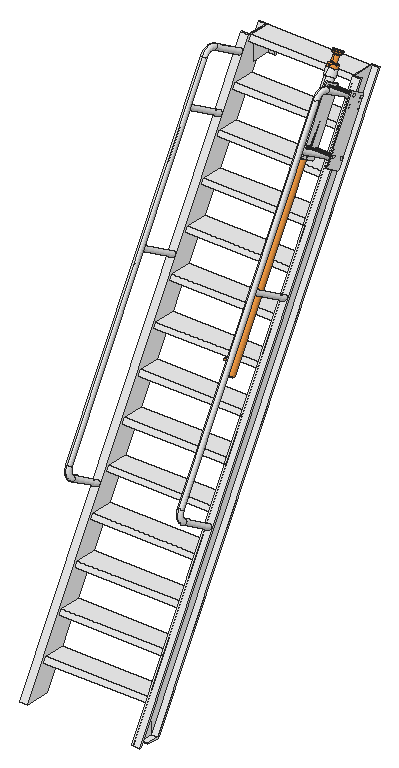
Revit family "Construction_Stairs-Precision_Ladders-Ships_Ladder-V1", category Specialty Equipment, Revit 2019
Family settings
  Round Connector Dimension = Use Diameter
  Part Type = Normal
  OmniClass Number = 23.30.70.17.17
  OmniClass Title = Ships Ladders
  Work Plane-Based = No
  Always vertical = Yes
  Cut with Voids When Loaded = No
  Shared = No
  Room Calculation Point = No
Parameters (values of type "To Roof Hatch")
  offset [instance] = 0' - 0"
  With Walk-Thru = no
  URL = "http://www.precisionladders.com"
  TreadArray [instance] = round(LadderLength / (Riser Height Real / sin(Angle Real)))  # 14
  Riser Height Real [instance] = if(Desired Riser Height < Riser Height MIN, Riser Height MIN, if(Desired Riser Height > Riser Height MAX, Riser Height MAX, Desired Riser Height))  # 0' - 8 1/2"
  Riser Height MIN [instance] = 0' - 6 1/2"  # constant formula
  Riser Height MAX [instance] = if(IBC Compliant, 0' 9 1/2", 1' 0")  # 1' - 0"
  Riser Height [instance] = "Design dimensions may vary from actual dimensions.  Always confirm actual dimensions with manufacturer."  # constant formula
  Product data url = "https://www.bimobject.com/precision_ladders_llc/product/ships-stairs"
  Product Page URL = "http://www.precisionladders.com/products/aluminum-ships-ladders"
  Model Number = "SL-01"
  Model = "Aluminum Ships Stairs"  # constant formula
  Material = Metal - Precision Ladders LLC - Aluminum - Mill Finish
  Manufacturer = "Precision Ladders, LLC"
  LadderLength [instance] = Height Real / sin(Angle Real)  # 11' - 6.56406"
  Ladder Width Real [instance] = if(Ladder Width < Ladder Width MIN, Ladder Width MIN, if(Ladder Width > Ladder Width MAX, Ladder Width MAX, Ladder Width))  # 2' - 6"
  Ladder Width MIN [instance] = 2' - 0"
  Ladder Width MAX [instance] = 4' - 0"  # constant formula
  Ladder Width [instance] = 2' - 6"
  Ladder Depth [instance] = Height / tan(Angle Real)  # 5' - 9.28203"
  Keynote = ""
  Integer Angle [instance] = Angle / 1.00°  # 60
  IBC Compliant [instance] = no
  Height Real [instance] = if(Height > Height MAX, Height MAX, Height)  # 10' - 0"
  Height MAX [instance] = 20' - 0"  # constant formula
  Height [instance] = 10' - 0"
  Extruded Serrated Tread [instance] = yes
  Extend-A-Rail Retracted [instance] = yes
  Extend-A-Rail Real [instance] = if(and([Extend-A-Rail], not([With Walk-Thru])), 1 < 2, 1 > 2)  # yes
  Extend-A-Rail [instance] = yes
  Desired Riser Height [instance] = 0' - 8 1/2"
  Description = "Ships Stairs (ships ladders) for rooftop access, mezzanine access, or crossover obstacles"  # constant formula
  Bar Grating Tread [instance] = not(Extruded Serrated Tread)  # no
  Assembly Code = ""
  Angle Real [instance] = if(Integer Angle * 1.00° < Angle MIN, Angle MIN, if(Integer Angle * 1.00° > Angle MAX, Angle MAX, Integer Angle * 1.00°))  # 60.00°
  Angle MIN [instance] = 60.00°  # constant formula
  Angle MAX [instance] = 70.00°  # constant formula
  Angle [instance] = 60.00°
  Actual Riser Height [instance] = sin(Angle Real) * (LadderLength / (TreadArray))  # 0' - 8.57143"
Reference planes (in)
  plane 1 "Center (Front/Back)": y = 0.99421
  plane 2 "Bottom": z = 0
  plane 3 "Center (Left/Right)": x = 12
  plane 4 "Left": x = -3
  plane 5 "Right": x = 27
  plane 6 "Top": z = 120
  plane 7: y = 70.27624
Forms (in)
  Extrusion 1, solid, material "Metal - Precision Ladders LLC - Aluminum - Mill Finish" <- "Material"
    sketch origin (0, 0.99421, 0) x (1, 0, 0) y (0, 0, 1)
      loop
        line (-1.25, 0) -> (-1.25, 3) -> (-1.5, 3) -> (-1.5, 0.25) -> (-3.25, 0.25) -> (-3.25, 0) -> (-1.25, 0)
      loop
        line (25.25, 0) -> (27.25, 0) -> (27.25, 0.25) -> (25.5, 0.25) -> (25.5, 3) -> (25.25, 3) -> (25.25, 0)
    from 0.5 to 3.5
  Extrusion 2, solid, material "Metal - Precision Ladders LLC - Aluminum - Mill Finish" <- "Material"
    sketch origin (-43.59721, -180, 120) x (-1, 0, 0) y (0, -1, 0)
      loop
        line (-42.59721, -250.27624) -> (-42.59721, -245.52624) -> (-42.84721, -245.52624) -> (-42.84721, -250.02624) -> (-44.59721, -250.02624) -> (-44.59721, -250.27624) -> (-42.59721, -250.27624)
      loop
        line (-68.59721, -250.27624) -> (-66.59721, -250.27624) -> (-66.59721, -250.02624) -> (-68.34721, -250.02624) -> (-68.34721, -245.52624) -> (-68.59721, -245.52624) -> (-68.59721, -250.27624)
    from -1.25 to -6.25
Lines and regions (in)
  reference lines
    curve 1: line (12, 0.99421, 0) -> (12, 63.49421, 108.25318)
Dimensions and locks (in)
  "Height Real": plane 6 "Top" to level
  equal spacing: plane 4 "Left", plane 3 "Center (Left/Right)", plane 5 "Right"
  "Ladder Width Real": plane 4 "Left" to plane 5 "Right"
  "Ladder Depth": plane 1 "Center (Front/Back)" to plane 7
  locked: Extrusion 1 sketch curve to Extrusion 1 sketch curve at 0.25
  locked: Extrusion 1 sketch curve to Extrusion 1 sketch curve at 2  (x2)
  locked: Extrusion 1 sketch curve to nested 1 at 0.25
  nested 1 to level = 0' - 8.57045"
  nested 1 to nested 1 = 0' - 8.57143"
  "Angle Real": angle curve 1 to level
  aligned and locked: plane 3 "Center (Left/Right)" to nested 1
  aligned and locked: Extrusion 1 sketch curve to nested 1
  aligned and locked: nested 1 to Extrusion 1 sketch curve
Automatic sketch dimensions
  Extrusion 2 sketch curve to plane 5 "Right" = 0' - 2"
  Extrusion 2 sketch curve to plane 7 = 0' - 0"  (x2)
  plane 4 "Left" to Extrusion 2 sketch curve = 0' - 2"
  Extrusion 2 sketch curve to plane 5 "Right" = 0' - 2 1/4"
  Extrusion 2 sketch curve to Extrusion 2 sketch curve = 0' - 1 3/4"
  Extrusion 2 sketch curve to plane 7 = 0' - 0 1/4"  (x2)
  plane 4 "Left" to Extrusion 2 sketch curve = 0' - 4"
  plane 4 "Left" to Extrusion 2 sketch curve = 0' - 2 1/4"
  Extrusion 2 sketch curve to Extrusion 2 sketch curve = 0' - 4 1/2"  (x2)
  Extrusion 1 sketch curve to level = 0' - 0"  (x2)
  level to Extrusion 1 sketch curve = 0' - 0 1/4"  (x2)
  Extrusion 1 sketch curve to Extrusion 1 sketch curve = 0' - 2 3/4"  (x2)
  curve 1 to level = 0' - 0"
  curve 1 to plane 1 "Center (Front/Back)" = 0' - 0"
Nested families (in)
  nested 1: "Ladder" at (0, 38.14469, 64.34651) x (1, 0, 0) z (0, -0.866, 0.5), Material <- "Material", Angle <- "Angle Real", Walk Through <- "With Walk-Thru", Handrail Material <- "Material", Width <- "Ladder Width Real", Extend-A-Rail <- "Extend-A-Rail Real", Extend-A-Rail Retracted <- "Extend-A-Rail Retracted", type "Ladder"
    with Width 2' - 6", Walk Through no, Treads Array 14, Tread Width 2' - 2", Tread Position 0' - 9.89743", Tread Offset 0' - 2.7785", Rail Length 7' - 6.56406", Rail Extension 4' - 0.49742", Offset 0' - 0", Number of Treads 13, Material Metal - Precision Ladders LLC - Aluminum - Mill Finish, Length 11' - 6.56406", Height 0' - 5", Handrail Material Metal - Precision Ladders LLC - Aluminum - Mill Finish, Extend-A-Rail Retracted yes, Extend-A-Rail yes, Angle 60.00°, Actual Tread Spacing 0' - 8.57143", Bar Grating Tread no
Definition of nested family "Ladder"
  Parameters (values of type "Ladder")
    Width [instance] = 2' - 6"
    Walk Through [instance] = yes
    URL = ""
    Treads Array [instance] = round(Length / (Desired Tread Spacing / sin(Angle)))  # 14
    Tread Width [instance] = Width - 0' 4"  # 2' - 2"
    Number of Treads [instance] = Treads Array - 1  # 13
    Desired Tread Spacing = 0' - 8 1/2"
    Tread Position [instance] = Actual Tread Spacing / sin(Angle)  # 0' - 9.61994"
    Tread Offset [instance] = 0' 4 13/16" / tan(Angle)  # 0' - 2.45209"
    Rail Length [instance] = Length - 4' 0"  # 7' - 2.67915"
    Rail Extension [instance] = 3' 6" / sin(Angle)  # 3' - 11.1377"
    Offset [instance] = 0' - 0"
    Model = ""
    Material [instance] = none
    Manufacturer = ""
    Length [instance] = Floor to Floor Height / sin(Angle)  # 11' - 2.67915"
    Keynote = ""
    Height [instance] = 0' - 5"
    Handrail Material [instance] = none
    Floor to Floor Height = 10' - 0"
    Extend-A-Rail Retracted [instance] = yes
    Extend-A-Rail [instance] = yes
    Description = ""
    Default Elevation = 4' - 0"
    Bar Grating Tread = yes
    Assembly Code = ""
    Angle [instance] = 63.00°
    Actual Tread Spacing [instance] = sin(Angle) * (Length / (Treads Array))  # 0' - 8.57143"
  Reference planes (in)
    plane 1 "Center (Front/Back)": y = -5.01892
    plane 2 "Bottom": z = 0
    plane 3 "Center (Left/Right)": x = 12
    plane 4 "Front": y = -72.35849
    plane 5 "Back": y = 62.32066
    plane 6 "Left": x = -3
    plane 7 "Right": x = 27
    plane 8 "Top": z = 5
    plane 9: z = 4.81055
    plane 10: y = 59.86856
    plane 11: y = 50.24863
    plane 12: y = -65.19064
    plane 13: y = -55.57071
    plane 14: y = -74.81058
  Forms (in)
    Extrusion 1, solid, material <- "Material"
      sketch origin (-11.94222, -72.35849, 48) x (-1, 0, 0) y (0, 0, 1)
        loop
          line (-8.94222, -43) -> (-10.94222, -43) -> (-10.94222, -48) -> (-8.94222, -48) -> (-8.94222, -47.81055) -> (-10.69222, -47.81055) -> (-10.69222, -43.18945) -> (-8.94222, -43.18945) -> (-8.94222, -43)
        loop
          line (-38.94222, -43) -> (-38.94222, -43.18945) -> (-37.19222, -43.18945) -> (-37.19222, -47.81055) -> (-38.94222, -47.81055) -> (-38.94222, -48) -> (-36.94222, -48) -> (-36.94222, -43) -> (-38.94222, -43)
      from -6 to 134.67915
    Extrusion 2, void
      sketch origin (12, 0, 0) x (0, 1, 0) y (0, 0, 1)
        loop
          line (-72.35849, 0) -> (-75.13263, 5.44456) -> (-81.35849, 5.44456) -> (-81.35849, 0) -> (-72.35849, 0)
      from -15 to 15
    Extrusion 3, void
      sketch origin (12, -10.03784, 0) x (0, -1, 0) y (0, 0, -1)
        loop
          line (-72.35849, 0) -> (-82.29551, 0) -> (-82.29551, -5.44456) -> (-69.58435, -5.44456) -> (-72.35849, 0)
      from -15 to 15
  Cuts and joins
    Extrusion 2, Extrusion 3 cuts Extrusion 1
  Dimensions and locks (in)
    "Height": plane 8 "Top" to level
    equal spacing: plane 6 "Left", plane 3 "Center (Left/Right)", plane 7 "Right"
    "Width": plane 6 "Left" to plane 7 "Right"
    equal spacing: plane 5 "Back", plane 1 "Center (Front/Back)", plane 4 "Front"
    "Length": plane 5 "Back" to plane 4 "Front"
    locked: plane 9 to plane 8 "Top" at 0.18945
    locked: plane 5 "Back" to nested 2 at 6
    locked: plane 5 "Back" to nested 3 at 6
    nested 2 to plane 7 "Right" = 0' - 1"
    plane 6 "Left" to nested 3 = 0' - 1"
    locked: nested 3 to plane 6 "Left" at 1
    locked: plane 7 "Right" to nested 2 at 1
    "Tread Offset": plane 5 "Back" to nested 1
    locked: nested 5 to nested 3 at 6
    locked: plane 5 "Back" to nested 5 at 13
    locked: plane 7 "Right" to nested 4 at 2
    "Tread Offset": plane 5 "Back" to plane 10
    "Tread Position": plane 10 to plane 11
    "Tread Position": plane 13 to plane 12
    equal spacing: group 1, group 2, group 3, group 4, group 5, group 6, group 7, group 8, group 9, group 10, group 11, group 12, group 13  (x3)
    "Tread Position": plane 12 to plane 14
    "Tread Offset": plane 4 "Front" to plane 14
    "Angle": angle level to Extrusion 2 sketch curve
    "Angle": angle level to Extrusion 3 sketch curve
    aligned and locked: plane 5 "Back" to Extrusion 1
    aligned and locked: plane 6 "Left" to Extrusion 2
    aligned and locked: plane 3 "Center (Left/Right)" to nested 1
    aligned and locked: nested 1 to plane 9
    aligned and locked: Extrusion 2 to plane 7 "Right"
    aligned and locked: level to Extrusion 2 sketch curve
    aligned and locked: Extrusion 3 sketch curve to level
    aligned and locked: Extrusion 3 to plane 6 "Left"
    aligned and locked: plane 7 "Right" to Extrusion 3
    aligned and locked: nested 2 to plane 8 "Top"
    aligned and locked: plane 8 "Top" to nested 3
    aligned and locked: nested 6 to plane 9
    aligned and locked: plane 12 to nested 4
    aligned and locked: plane 13 to nested 6
  Automatic sketch dimensions
    Extrusion 1 sketch curve to plane 7 "Right" = 0' - 0"  (x2)
    Extrusion 1 sketch curve to plane 9 = 0' - 0"  (x2)
    Extrusion 1 sketch curve to plane 8 "Top" = 0' - 0"  (x2)
    Extrusion 1 sketch curve to level = 0' - 0"  (x2)
    Extrusion 1 sketch curve to plane 6 "Left" = 0' - 0"  (x2)
    Extrusion 1 sketch curve to Extrusion 1 sketch curve = 0' - 1 3/4"
    Extrusion 1 sketch curve to Extrusion 1 sketch curve = 0' - 0 1/4"  (x2)
    plane 6 "Left" to Extrusion 1 sketch curve = 0' - 2"
    Extrusion 1 sketch curve to Extrusion 1 sketch curve = 0' - 0.18945"
    level to Extrusion 1 sketch curve = 0' - 0.18945"
    Extrusion 2 sketch curve to plane 4 "Front" = 0' - 0"
    plane 14 to Extrusion 2 sketch curve = 0' - 0.32205"
    plane 14 to Extrusion 2 sketch curve = 0' - 6.54791"
    Extrusion 3 sketch curve to plane 5 "Back" = 0' - 0"
    Extrusion 3 sketch curve to plane 8 "Top" = 0' - 0.44456"
    Extrusion 3 sketch curve to plane 5 "Back" = 0' - 9.93701"
  Nested families (in)
    nested 1: "Tread" at (0, 64.88748, 4.81055), Unit Width <- "Tread Width", Material <- "Material", Angle <- "Angle", type "Tread"
      with offset 0' - 0", Unit Width 2' - 2", Unit Height 0' - 1", Unit Depth 0' - 6", Material none, Angle 63.00°
    nested 2: "Rail" at (31.01892, 24.98108, 5) x (0, -1, 0) z (0, 0, 1), Material <- "Handrail Material", Unit Width <- "Rail Length", Walkthrough <- "Walk Through", Rail Extension <- "Rail Extension", Extend-A-Rail <- "Extend-A-Rail", type "Rail"
      with offset 0' - 0", Walkthrough yes, Unit Width 7' - 2.67915", Unit Height 1' - 0", Unit Depth 4' - 3 1/16", Rail1 yes, Rail Extension 3' - 11.1377", Rail 3 no, Rail 2 no, No Walkthrough no, Material none, Extend-A-Rail yes
    nested 3: "Rail" at (3.01892, 24.98108, 5) x (0, -1, 0) z (0, 0, 1), Material <- "Handrail Material", Unit Width <- "Rail Length", Walkthrough <- "Walk Through", Rail Extension <- "Rail Extension", Extend-A-Rail <- "Extend-A-Rail", type "Rail"
      with offset 0' - 0", Walkthrough yes, Unit Width 7' - 2.67915", Unit Height 1' - 0", Unit Depth 0' - 1 1/16", Rail1 yes, Rail Extension 3' - 11.1377", Rail 3 no, Rail 2 no, No Walkthrough no, Material none, Extend-A-Rail yes
    nested 4: "Tread" at (0, -60.17173, 4.81055), Unit Width <- "Tread Width", Material <- "Material", Angle <- "Angle", type "Tread"
      with offset 0' - 0", Unit Width 2' - 2", Unit Height 0' - 1", Unit Depth 0' - 6", Material none, Angle 63.00°
    nested 5: "Construction_Stairs-Precision_Ladders-Extend_A_Rail_Ladder_Safety_Post" at (25, 49.32066, 11) x (0, 0, 1) z (-1, 0, 0), visible <- "Extend-A-Rail", Retracted <- "Extend-A-Rail Retracted", type "ER-1"
      with Retracted yes, Required Bracket Spacing 0' - 6", Extended no
    nested 6: "Tread" at (0, -50.55179, 4.81055), Unit Width <- "Tread Width", Material <- "Material", Angle <- "Angle", type "Tread"
      with offset 0' - 0", Unit Width 2' - 2", Unit Height 0' - 1", Unit Depth 0' - 6", Material none, Angle 63.00°
    nested 7: "Tread" at (0, -40.93185, 4.81055), Unit Width <- "Tread Width", Material <- "Material", Angle <- "Angle", type "Tread"
      with offset 0' - 0", Unit Width 2' - 2", Unit Height 0' - 1", Unit Depth 0' - 6", Material none, Angle 63.00°
    nested 8: "Tread" at (0, -31.31191, 4.81055), Unit Width <- "Tread Width", Material <- "Material", Angle <- "Angle", type "Tread"
      with offset 0' - 0", Unit Width 2' - 2", Unit Height 0' - 1", Unit Depth 0' - 6", Material none, Angle 63.00°
    nested 9: "Tread" at (0, -21.69197, 4.81055), Unit Width <- "Tread Width", Material <- "Material", Angle <- "Angle", type "Tread"
      with offset 0' - 0", Unit Width 2' - 2", Unit Height 0' - 1", Unit Depth 0' - 6", Material none, Angle 63.00°
    nested 10: "Tread" at (0, -12.07203, 4.81055), Unit Width <- "Tread Width", Material <- "Material", Angle <- "Angle", type "Tread"
      with offset 0' - 0", Unit Width 2' - 2", Unit Height 0' - 1", Unit Depth 0' - 6", Material none, Angle 63.00°
    nested 11: "Tread" at (0, -2.45209, 4.81055), Unit Width <- "Tread Width", Material <- "Material", Angle <- "Angle", type "Tread"
      with offset 0' - 0", Unit Width 2' - 2", Unit Height 0' - 1", Unit Depth 0' - 6", Material none, Angle 63.00°
    nested 12: "Tread" at (0, 7.16785, 4.81055), Unit Width <- "Tread Width", Material <- "Material", Angle <- "Angle", type "Tread"
      with offset 0' - 0", Unit Width 2' - 2", Unit Height 0' - 1", Unit Depth 0' - 6", Material none, Angle 63.00°
    nested 13: "Tread" at (0, 16.78779, 4.81055), Unit Width <- "Tread Width", Material <- "Material", Angle <- "Angle", type "Tread"
      with offset 0' - 0", Unit Width 2' - 2", Unit Height 0' - 1", Unit Depth 0' - 6", Material none, Angle 63.00°
    nested 14: "Tread" at (0, 26.40773, 4.81055), Unit Width <- "Tread Width", Material <- "Material", Angle <- "Angle", type "Tread"
      with offset 0' - 0", Unit Width 2' - 2", Unit Height 0' - 1", Unit Depth 0' - 6", Material none, Angle 63.00°
    nested 15: "Tread" at (0, 36.02767, 4.81055), Unit Width <- "Tread Width", Material <- "Material", Angle <- "Angle", type "Tread"
      with offset 0' - 0", Unit Width 2' - 2", Unit Height 0' - 1", Unit Depth 0' - 6", Material none, Angle 63.00°
    nested 16: "Tread" at (0, 45.6476, 4.81055), Unit Width <- "Tread Width", Material <- "Material", Angle <- "Angle", type "Tread"
      with offset 0' - 0", Unit Width 2' - 2", Unit Height 0' - 1", Unit Depth 0' - 6", Material none, Angle 63.00°
    nested 17: "Tread" at (0, 55.26754, 4.81055), Unit Width <- "Tread Width", Material <- "Material", Angle <- "Angle", type "Tread"
      with offset 0' - 0", Unit Width 2' - 2", Unit Height 0' - 1", Unit Depth 0' - 6", Material none, Angle 63.00°
  Definition of nested family "Tread"
    Parameters (values of type "Tread")
      offset [instance] = 0' - 0"
      Unit Width [instance] = 1' - 8 3/16"
      Unit Height [instance] = 0' - 1"
      Unit Depth [instance] = 0' - 6"
      URL = ""
      Model = ""
      Material [instance] = none
      Manufacturer = ""
      Keynote = ""
      Description = ""
      Bar Grating = yes
      Assembly Code = ""
      Angle [instance] = 63.00°
    Reference planes (in)
      plane 1 "Center (Front/Back)": y = -5.01892
      plane 2 "Bottom": z = 0
      plane 3 "Center (Left/Right)": x = 12
      plane 4 "Left": x = 1.90625
      plane 5 "Right": x = 22.09375
      plane 6 "Top": z = 1
      plane 7: z = -4.6221
    Forms (in)
      Extrusion 1, solid, material <- "Material"
        sketch origin (12, -5.01892, 0) x (0, -0.45399, 0.891007) y (0, -0.891007, -0.45399)
          loop
            line (0.57322, 1.125) -> (0.01205, 1.125) -> (-0.12106, 0.86376) -> (0.15953, 0.86376) -> (-0.1532, 0.25) -> (-4.77954, 0.25) -> (-4.46681, 0.86376) -> (-4.18623, 0.86376) -> (-4.05312, 1.125) -> (-4.61428, 1.125) -> (-5.1875, 0) -> (0, 0) -> (0.57322, 1.125)
        from -10.09375 to 10.09375
    Lines and regions (in)
      reference lines
        curve 1: line (12, -5.01892, 0) -> (12, -10.23981, 10.24658)
        curve 2: line (12, -11.24219, 9.73584) -> (12, -2.84337, -6.74778)
      model lines, visible <- "Bar Grating"
        curve 3: line (1.90625, -4.61769, -0.78746) -> (22.09375, -4.61769, -0.78746)
        curve 4: line (1.90625, -4.10138, -1.80077) -> (22.09375, -4.10138, -1.80077)
        curve 5: line (1.90625, -3.58355, -2.81708) -> (22.09375, -3.58355, -2.81708)
        curve 6: line (1.90625, -3.06772, -3.82944) -> (22.09375, -3.06772, -3.82944)
    Dimensions and locks (in)
      "Unit Height": plane 6 "Top" to level
      equal spacing: plane 4 "Left", plane 3 "Center (Left/Right)", plane 5 "Right"
      "Unit Width": plane 4 "Left" to plane 5 "Right"
      curve 2 to curve 1 = 0' - 1 1/8"
      locked: level to plane 7 at 4.6221
      locked: Extrusion 1 sketch curve to plane 7 at 0.5
      locked: level to Extrusion 1 sketch curve at 0.5
      locked: Extrusion 1 sketch curve to curve 2 at 0.26124  (x2)
      locked: Extrusion 1 sketch curve to curve 1 at 0.25
      locked: level to Extrusion 1 sketch curve at 0.25
      locked: Extrusion 1 sketch curve to plane 7 at 0.25
      "Angle": angle level to curve 1
      aligned and locked: Extrusion 1 to plane 4 "Left"
      aligned and locked: plane 5 "Right" to Extrusion 1
      aligned and locked: Extrusion 1 sketch curve to curve 1
      aligned and locked: curve 2 to Extrusion 1 sketch curve
      aligned and locked: Extrusion 1 sketch curve to curve 2
      aligned and locked: level to Extrusion 1 sketch curve
      aligned and locked: Extrusion 1 sketch curve to plane 7
    Automatic sketch dimensions
      curve 1 to level = 0' - 0"
      curve 1 to plane 1 "Center (Front/Back)" = 0' - 0"
      curve 2 to curve 1 = 0' - 0"
      curve 2 to curve 1 = 0' - 7"
      curve 3 to Extrusion 1 = 0' - 0"  (x2)
      curve 4 to Extrusion 1 = 0' - 0"  (x2)
      curve 5 to Extrusion 1 = 0' - 0"  (x2)
      curve 6 to Extrusion 1 = 0' - 0"  (x2)
      Extrusion 1 to curve 3 = 0' - 0.88378"
      curve 3 to curve 4 = 0' - 1.13727"
      curve 4 to curve 5 = 0' - 1 9/64"
      Extrusion 1 to curve 6 = 0' - 0.88962"
  Definition of nested family "Rail"
    Parameters (values of type "Rail")
      offset [instance] = 0' - 0"
      Walkthrough [instance] = no
      Unit Width [instance] = 10' - 0"
      Unit Height [instance] = 1' - 0"
      Unit Depth [instance] = 0' - 1 1/16"
      URL = ""
      Rail1 [instance] = Unit Width > 4' 4"  # yes
      Rail Extension [instance] = 4' - 0"
      Rail 3 [instance] = Unit Width > 12' 4"  # no
      Rail 2 [instance] = Unit Width > 8' 4"  # yes
      No Walkthrough [instance] = not(Walkthrough)  # yes
      Model = ""
      Material [instance] = none
      Manufacturer = ""
      Keynote = ""
      Extend-A-Rail [instance] = yes
      Description = ""
      Assembly Code = ""
    Reference planes (in)
      plane 1 "Center (Front/Back)": y = -5.01892
      plane 2 "Bottom": z = 0
      plane 3 "Center (Left/Right)": x = 12
      plane 4 "Front": y = -5.55017
      plane 5 "Back": y = -4.48767
      plane 6 "Left": x = -48
      plane 7 "Right": x = 72
      plane 8 "Top": z = 12
      plane 9: x = 24
      plane 10: x = -24
      plane 11: z = 11.46875
      plane 12: x = -72
      plane 13: x = -96
    Forms (in)
      Sweep 1, solid, material <- "Material", visible <- "No Walkthrough"
        path origin (0, -5.01892, 0) x (1, 0, 0) y (0, 0, 1)
          loop
            line (-48, 0) -> (-48, 9)
            arc (-48, 9) -> (-47.12132, 11.12132) -> (-45, 12) r 3
            line (-45, 12) -> (69, 12)
            arc (69, 12) -> (71.12132, 11.12132) -> (72, 9) r 3
            line (72, 9) -> (72, 0)
        profile origin (12, -5.01892, 12) x (0, 0, 1) y (0, -1, 0)
          loop
            circle (-0.625, 0) r 0.625
      Extrusion 2, solid, material <- "Material", visible <- "Rail 2"
        sketch origin (0, 0, 0) x (1, 0, 0) y (0, 1, 0)
          loop
            circle (-24, -5.01892) r 0.625
        from 0 to 11.46875
      Extrusion 3, solid, material <- "Material", visible <- "Rail1"
        sketch origin (38, 0, 0) x (1, 0, 0) y (0, 1, 0)
          loop
            circle (-14, -5.01892) r 0.625
        from 0 to 11.46875
      Extrusion 4, solid, material <- "Material", visible <- "Rail 3"
        sketch origin (-58, 0, 0) x (1, 0, 0) y (0, 1, 0)
          loop
            circle (-14, -5.01892) r 0.625
        from 0 to 11.46875
      Sweep 5, solid, material <- "Material", visible <- "Walkthrough"
        path origin (0, -5.01892, 0) x (1, 0, 0) y (0, 0, 1)
          loop
            line (-47.375, 6) -> (-93, 6)
            arc (-93, 6) -> (-96, 9) -> (-93, 12) r 3
            line (-93, 12) -> (69, 12)
            arc (69, 12) -> (71.12132, 11.12132) -> (72, 9) r 3
            line (72, 9) -> (72, 0)
        profile origin (-12, -5.01892, 12) x (0, 0, 1) y (0, -1, 0)
          loop
            circle (-0.625, 0) r 0.625
      Extrusion 6, solid, material <- "Material", visible <- "Walkthrough"
        sketch origin (-23.375, 0, 0) x (1, 0, 0) y (0, 1, 0)
          loop
            circle (-24, -5.01892) r 0.625
        from 0 to 11.46875
      Extrusion 7, solid, material <- "Material", visible <- "Extend-A-Rail"
        sketch origin (-10.625, 0, 0) x (1, 0, 0) y (0, 1, 0)
          loop
            circle (-24, -5.01892) r 0.625
        from 0 to 11.46875
    Dimensions and locks (in)
      "Unit Height": plane 8 "Top" to level
      equal spacing: plane 6 "Left", plane 3 "Center (Left/Right)", plane 7 "Right"
      "Unit Width": plane 6 "Left" to plane 7 "Right"
      equal spacing: plane 5 "Back", plane 1 "Center (Front/Back)", plane 4 "Front"
      "Unit Depth": plane 5 "Back" to plane 4 "Front"
      locked: plane 7 "Right" to plane 9 at 48
      locked: plane 8 "Top" to plane 11 at 0.53125
      locked: plane 9 to plane 10 at 48
      locked: plane 10 to plane 12 at 48
      "Rail Extension": plane 6 "Left" to plane 13
      locked: plane 6 "Left" to Extrusion 7 at 14
      aligned and locked: Extrusion 2 to plane 11
      aligned and locked: Extrusion 3 to plane 11
    Automatic sketch dimensions
      Sweep 1 sketch curve to plane 6 "Left" = 0' - 0"
      Sweep 1 sketch curve to plane 8 "Top" = 0' - 0"
      Sweep 1 sketch curve to level = 0' - 0"  (x2)
      Sweep 1 sketch curve to plane 7 "Right" = 0' - 0"
      plane 11 to Sweep 1 sketch curve = 0' - 2 15/32"  (x2)
      Sweep 1 sketch curve to plane 1 "Center (Front/Back)" = 0' - 0"
      profile plane to Sweep 1 sketch curve = 0' - 0 5/8"
      plane 1 "Center (Front/Back)" to Extrusion 2 sketch curve = 0' - 0"
      Extrusion 2 sketch curve to plane 10 = 0' - 0"
      plane 1 "Center (Front/Back)" to Extrusion 3 sketch curve = 0' - 0"
      Extrusion 3 sketch curve to plane 9 = 0' - 0"
      Extrusion 4 sketch curve to plane 1 "Center (Front/Back)" = 0' - 0"
      Extrusion 4 sketch curve to plane 12 = 0' - 0"
      Sweep 5 sketch curve to plane 8 "Top" = 0' - 0"
      Sweep 5 sketch curve to plane 7 "Right" = 0' - 0"
      Sweep 5 sketch curve to level = 0' - 0"
      Sweep 5 sketch curve to plane 7 "Right" = 0' - 3"
      plane 13 to Sweep 5 sketch curve = 0' - 3"
      plane 11 to Sweep 5 sketch curve = 0' - 5 15/32"
      plane 6 "Left" to Sweep 5 sketch curve = 0' - 0 5/8"
      Sweep 5 sketch curve to plane 1 "Center (Front/Back)" = 0' - 0"
      profile plane to Sweep 5 sketch curve = 0' - 0 5/8"
      plane 1 "Center (Front/Back)" to Extrusion 6 sketch curve = 0' - 0"
      plane 6 "Left" to Extrusion 6 sketch curve = 0' - 0 5/8"
      plane 1 "Center (Front/Back)" to Extrusion 7 sketch curve = 0' - 0"
      plane 6 "Left" to Extrusion 7 sketch curve = 1' - 1 3/8"
      radius of Sweep 1 sketch curve = 0' - 0 5/8"
      radius of Extrusion 2 sketch curve = 0' - 0 5/8"
      radius of Extrusion 3 sketch curve = 0' - 0 5/8"
      radius of Extrusion 4 sketch curve = 0' - 0 5/8"
      radius of Sweep 5 sketch curve = 0' - 0 5/8"
      radius of Extrusion 6 sketch curve = 0' - 0 5/8"
      radius of Extrusion 7 sketch curve = 0' - 0 5/8"
  Definition of nested family "Construction_Stairs-Precision_Ladders-Extend_A_Rail_Ladder_Safety_Post"
    Parameters (values of type "ER-1")
      Width = 0' - 4"
      URL = "http://www.precisionladders.com"
      Retracted [instance] = yes
      Required Bracket Spacing [instance] = 0' - 6"
      Product data url = ""
      Product Page URL = "http://www.precisionladders.com"
      Product Guid = ""
      Model Number = "ER-1"  # constant formula
      Model = "Extend-A-Rail"  # constant formula
      Material = ""
      Manufacturer = "Precision Ladders,LLC"  # constant formula
      Length = 5' - 7 11/16"
      Finish = none
      Extended [instance] = not(Retracted)  # no
      Description = ""
      Default Elevation = 4' - 0"
      Additional Mat Finishes = none
    Reference planes (in)
      plane 1 "Center (Front/Back)": y = 0
      plane 2: z = 0
      plane 3 "Center (Left/Right)": x = 0
      plane 4: z = 0.25
      plane 5: z = -6
      plane 6: z = -6.25
      plane 7: z = 0.5
      plane 8: z = -6.5
      plane 9: y = 58.9375
      plane 10: y = 58.6875
      plane 11: y = 57.0625
      plane 12: y = 56.8125
      plane 13: y = 13.6875
      plane 14: y = 13.4375
      plane 15: y = 11.8125
      plane 16: y = 11.5625
    Forms (in)
      Extrusion 1, solid
        sketch origin (0, 0, 0) x (1, 0, 0) y (0, 1, 0)
          loop
            line (-48, 79) -> (-48, -48) -> (48, -48) -> (48, 79) -> (-48, 79)
        from 0 to -12
      Extrusion 2, solid, material <- "Additional Mat Finishes"
        sketch origin (0, 0, 0) x (1, 0, 0) y (0, 1, 0)
          loop
            line (-2, 7.75) -> (-2, -7.75)
            arc (-2, -7.75) -> (-1.92678, -7.92678) -> (-1.75, -8) r 0.25
            line (-1.75, -8) -> (1.75, -8)
            arc (1.75, -8) -> (1.92678, -7.92678) -> (2, -7.75) r 0.25
            line (2, -7.75) -> (2, 7.75)
            arc (2, 7.75) -> (1.92678, 7.92678) -> (1.75, 8) r 0.25
            line (1.75, 8) -> (-1.75, 8)
            arc (-1.75, 8) -> (-1.92678, 7.92678) -> (-2, 7.75) r 0.25
          loop
            line (-1.5625, 7.3125) -> (-1.5625, 4.3125)
            arc (-1.5625, 4.3125) -> (-1.375, 4.125) -> (-1.1875, 4.3125) r 0.1875
            line (-1.1875, 4.3125) -> (-1.1875, 7.3125)
            arc (-1.1875, 7.3125) -> (-1.375, 7.5) -> (-1.5625, 7.3125) r 0.1875
          loop
            arc (1.5625, 7.3125) -> (1.375, 7.5) -> (1.1875, 7.3125) r 0.1875
            line (1.1875, 7.3125) -> (1.1875, 4.3125)
            arc (1.1875, 4.3125) -> (1.375, 4.125) -> (1.5625, 4.3125) r 0.1875
            line (1.5625, 4.3125) -> (1.5625, 7.3125)
          loop
            arc (-1.5625, -7.3125) -> (-1.375, -7.5) -> (-1.1875, -7.3125) r 0.1875
            line (-1.1875, -7.3125) -> (-1.1875, -4.3125)
            arc (-1.1875, -4.3125) -> (-1.375, -4.125) -> (-1.5625, -4.3125) r 0.1875
            line (-1.5625, -4.3125) -> (-1.5625, -7.3125)
          loop
            line (1.5625, -7.3125) -> (1.5625, -4.3125)
            arc (1.5625, -4.3125) -> (1.375, -4.125) -> (1.1875, -4.3125) r 0.1875
            line (1.1875, -4.3125) -> (1.1875, -7.3125)
            arc (1.1875, -7.3125) -> (1.375, -7.5) -> (1.5625, -7.3125) r 0.1875
        from 0 to 0.25
      Sweep 3, solid, material <- "Finish", visible <- "Extended"
        path origin (0, 0, 0) x (1, 0, 0) y (0, 1, 0)
          loop
            line (0, 10.5625) -> (0, 55.8125)
        profile origin (0, 33.1875, 0) x (-1, 0, 0) y (0, 0, 1)
          loop
            circle (0, 1.25) r 0.75
      Sweep 4, solid, material <- "Additional Mat Finishes"
        path origin (0, 0, 0) x (1, 0, 0) y (0, 1, 0)
          loop
            line (0, 10.5625) -> (0, 9)
        profile origin (0, 9.78125, 0) x (1, 0, 0) y (0, 0, 1)
          loop
            circle (0, 1.25) r 1.25
      Sweep 5, solid, material <- "Additional Mat Finishes"
        path origin (0, 0, 0) x (1, 0, 0) y (0, 1, 0)
          loop
            line (0, 9) -> (0, -6.125)
        profile origin (0, 1.4375, 0) x (1, 0, 0) y (0, 0, 1)
          loop
            circle (0, 1.25) r 1
          loop
            circle (0, 1.25) r 0.8125
      Sweep 6, solid, material <- "Finish", visible <- "Extended"
        path origin (0, 0, 0) x (1, 0, 0) y (0, 1, 0)
          loop
            line (0, 9) -> (0, -7.75)
        profile origin (0, 0.625, 0) x (1, 0, 0) y (0, 0, 1)
          loop
            circle (0, 1.25) r 0.8125
      Revolve 7, solid, material <- "Finish", visible <- "Extended"
        sketch origin (0, 0, 1.25) x (1, 0, 0) y (0, 1, 0)
          loop
            line (0, -7.75) -> (0, -8.0625)
            spline (0, -8.0625) -> (0.10605, -8.05983) -> (0.21029, -8.05185) -> (0.31093, -8.03871) -> (0.40625, -8.02063) -> (0.49462, -7.99792) -> (0.57452, -7.97097) -> (0.6446, -7.94024) -> (0.70365, -7.90625) -> (0.75065, -7.86959) -> (0.78481, -7.83088) -> (0.80555, -7.79079) -> (0.8125, -7.75)
            line (0.8125, -7.75) -> (0, -7.75)
          axis (0, -7.75) -> (0, -8.0625)
        angle from 0 to 360
      Sweep 8, void
        path origin (0, 0, 0) x (1, 0, 0) y (0, 1, 0)
          loop
            line (-0.5, -6.125) -> (-0.5, -3.625)
        profile origin (-0.5, -4.875, 0) x (-1, 0, 0) y (0, 0, 1)
          loop
            line (0.10938, 1.78742) -> (0.25, 1.91144)
            arc (0.25, 1.91144) -> (0.023, 2.10233) -> (-0.25, 2.21825) r 1
            line (-0.25, 2.21825) -> (-0.29687, 2.0367)
            arc (-0.29687, 2.0367) -> (-0.07506, 1.94252) -> (0.10938, 1.78742) r 0.8125
      Extrusion 9, void
        sketch origin (0, 0, -0.25) x (1, 0, 0) y (0, 0, 1)
          loop
            line (-0.75, 2.16144) -> (-0.60937, 2.03742)
            arc (-0.60937, 2.03742) -> (0.00589, 2.31248) -> (0.6171, 2.02853) r 0.8125
            line (0.6171, 2.02853) -> (0.75, 2.16144)
            arc (0.75, 2.16144) -> (0, 2.5) -> (-0.75, 2.16144) r 1
        from 3.625 to 4.125
      Sweep 10, solid, material <- "Finish", visible <- "Extended"
        path origin (0, 0, 0) x (1, 0, 0) y (0, 1, 0)
          loop
            line (0, 55.8125) -> (0, 56.5625)
        profile origin (0, 56.1875, 0) x (-1, 0, 0) y (0, 0, 1)
          loop
            circle (0, 1.25) r 1.125
      Sweep 11, void
        path origin (0, 0, 1.25) x (1, 0, 0) y (0, 1, 0)
          loop
            line (-1.17105, 56.1875) -> (1.1582, 56.1875)
        profile origin (-0.00643, 56.1875, 1.25) x (0, 1, 0) y (0, 0, 1)
          loop
            circle (0, 0) r 0.25
      Sweep 12, solid, material <- "Finish", visible <- "Extended"
        path origin (0, 0, 0) x (1, 0, 0) y (0, 0, 1)
          loop
            line (0, 1.20662) -> (1.35408, 3.00355)
        profile origin (0.67704, 0, 2.10508) x (-0.798636, 0, 0.601815) y (0, -1, 0)
          loop
            circle (0, 5) r 0.25
      Revolve 13, solid, material <- "Finish", visible <- "Extended"
        sketch origin (0, 0, 1.25) x (1, 0, 0) y (0, 1, 0)
          loop
            line (0, 56.5625) -> (0, 56.8125) -> (-0.875, 56.8125)
            arc (-0.875, 56.8125) -> (-1.05178, 56.73928) -> (-1.125, 56.5625) r 0.25
            line (-1.125, 56.5625) -> (0, 56.5625)
          axis (0, 56.8125) -> (0, 56.5625)
        angle from 0 to 360
      Revolve 14, solid, material <- "Finish", visible <- "Extended"
        sketch origin (0, 0, 1.25) x (1, 0, 0) y (0, 1, 0)
          loop
            line (0, 56.8125) -> (0, 57.0625) -> (-0.625, 57.0625)
            arc (-0.625, 57.0625) -> (-0.69822, 56.88573) -> (-0.875, 56.8125) r 0.25
            line (-0.875, 56.8125) -> (0, 56.8125)
          axis (0, 56.8125) -> (0, 57.0625)
        angle from 0 to 360
      Sweep 15, solid, material <- "Finish", visible <- "Extended"
        path origin (0, 0, 0) x (1, 0, 0) y (0, 1, 0)
          loop
            line (0, 57.0625) -> (0, 58.6875)
        profile origin (0, 57.875, 0) x (-1, 0, 0) y (0, 0, 1)
          loop
            circle (0, 1.25) r 0.625
      Revolve 16, solid, material <- "Finish", visible <- "Extended"
        sketch origin (0, 115.75001, 1.25) x (1, 0, 0) y (0, 1, 0)
          loop
            line (0, -56.5625) -> (-1.125, -56.5625)
            arc (-1.125, -56.5625) -> (-1.05178, -56.73928) -> (-0.875, -56.8125) r 0.25
            line (-0.875, -56.8125) -> (0, -56.8125) -> (0, -56.5625)
          axis (0, -56.8125) -> (0, -56.5625)
        angle from 0 to 360
      Revolve 17, solid, material <- "Finish", visible <- "Extended"
        sketch origin (0, 115.75001, 1.25) x (1, 0, 0) y (0, 1, 0)
          loop
            line (0, -56.8125) -> (-0.875, -56.8125)
            arc (-0.875, -56.8125) -> (-0.69822, -56.88573) -> (-0.625, -57.0625) r 0.25
            line (-0.625, -57.0625) -> (0, -57.0625) -> (0, -56.8125)
          axis (0, -56.8125) -> (0, -57.0625)
        angle from 0 to 360
      Sweep 18, solid, material <- "Finish", visible <- "Extended"
        path origin (0, 0, 0) x (1, 0, 0) y (0, 1, 0)
          loop
            line (0, 59.18751) -> (0, 59.43751)
        profile origin (0, 59.31251, 0) x (-1, 0, 0) y (0, 0, 1)
          loop
            circle (0, 1.25) r 1.125
      Revolve 19, solid, material <- "Finish", visible <- "Extended"
        sketch origin (0, 2.87501, 1.25) x (1, 0, 0) y (0, 1, 0)
          loop
            line (0, 56.5625) -> (0, 56.6875) -> (-1, 56.6875)
            arc (-1, 56.6875) -> (-1.08839, 56.65089) -> (-1.125, 56.5625) r 0.125
            line (-1.125, 56.5625) -> (0, 56.5625)
          axis (0, 56.6875) -> (0, 56.5625)
        angle from 0 to 360
      Extrusion 20, solid, material <- "Additional Mat Finishes"
        sketch origin (0, 0, -4.25) x (1, 0, 0) y (0, 1, 0)
          loop
            line (-2, 7.75) -> (-2, -7.75)
            arc (-2, -7.75) -> (-1.92678, -7.92678) -> (-1.75, -8) r 0.25
            line (-1.75, -8) -> (1.75, -8)
            arc (1.75, -8) -> (1.92678, -7.92678) -> (2, -7.75) r 0.25
            line (2, -7.75) -> (2, 7.75)
            arc (2, 7.75) -> (1.92678, 7.92678) -> (1.75, 8) r 0.25
            line (1.75, 8) -> (-1.75, 8)
            arc (-1.75, 8) -> (-1.92678, 7.92678) -> (-2, 7.75) r 0.25
          loop
            line (-1.5625, 7.3125) -> (-1.5625, 4.3125)
            arc (-1.5625, 4.3125) -> (-1.375, 4.125) -> (-1.1875, 4.3125) r 0.1875
            line (-1.1875, 4.3125) -> (-1.1875, 7.3125)
            arc (-1.1875, 7.3125) -> (-1.375, 7.5) -> (-1.5625, 7.3125) r 0.1875
          loop
            arc (1.5625, 7.3125) -> (1.375, 7.5) -> (1.1875, 7.3125) r 0.1875
            line (1.1875, 7.3125) -> (1.1875, 4.3125)
            arc (1.1875, 4.3125) -> (1.375, 4.125) -> (1.5625, 4.3125) r 0.1875
            line (1.5625, 4.3125) -> (1.5625, 7.3125)
          loop
            arc (-1.5625, -7.3125) -> (-1.375, -7.5) -> (-1.1875, -7.3125) r 0.1875
            line (-1.1875, -7.3125) -> (-1.1875, -4.3125)
            arc (-1.1875, -4.3125) -> (-1.375, -4.125) -> (-1.5625, -4.3125) r 0.1875
            line (-1.5625, -4.3125) -> (-1.5625, -7.3125)
          loop
            line (1.5625, -7.3125) -> (1.5625, -4.3125)
            arc (1.5625, -4.3125) -> (1.375, -4.125) -> (1.1875, -4.3125) r 0.1875
            line (1.1875, -4.3125) -> (1.1875, -7.3125)
            arc (1.1875, -7.3125) -> (1.375, -7.5) -> (1.5625, -7.3125) r 0.1875
        from -2 to -1.75
      Extrusion 21, solid, material <- "Additional Mat Finishes"
        sketch origin (0, 0, 0) x (1, 0, 0) y (0, 1, 0)
          loop
            circle (-1.375, 7.3125) r 0.1875
          loop
            circle (1.375, 7.3125) r 0.1875
          loop
            circle (1.375, -5.4375) r 0.1875
          loop
            circle (-1.375, -5.4375) r 0.1875
        from -6 to 0.25
      Extrusion 22, solid, material <- "Additional Mat Finishes"
        sketch origin (0, 0, 0) x (1, 0, 0) y (0, 1, 0)
          loop
            circle (-1.375, 7.3125) r 0.25
          loop
            circle (1.375, 7.3125) r 0.25
          loop
            circle (1.375, -5.4375) r 0.25
          loop
            circle (-1.375, -5.4375) r 0.25
        from -6.5 to -6.25
      Extrusion 23, solid, material <- "Additional Mat Finishes"
        sketch origin (0, 0, 8) x (1, 0, 0) y (0, 1, 0)
          loop
            circle (-1.375, 7.3125) r 0.25
          loop
            circle (1.375, 7.3125) r 0.25
          loop
            circle (1.375, -5.4375) r 0.25
          loop
            circle (-1.375, -5.4375) r 0.25
        from -7.75 to -7.5
      Sweep 24, void
        path origin (0, 0, 0) x (-1, 0, 0) y (0, 1, 0)
          loop
            line (-0.5, -5.24811) -> (-0.5, -3.625)
        profile origin (0.5, -4.43656, 0) x (-1, 0, 0) y (0, 0, 1)
          loop
            arc (-0.21695, 1.63229) -> (-0.02672, 1.86865) -> (0.23696, 2.01874) r 0.8125
            line (0.23696, 2.01874) -> (0.18997, 2.20073)
            arc (0.18997, 2.20073) -> (-0.12564, 2.03011) -> (-0.36072, 1.75908) r 1
            line (-0.36072, 1.75908) -> (-0.21695, 1.63229)
      Sweep 25, solid, material <- "Finish", visible <- "Retracted"
        path origin (0, -45.25, 0) x (1, 0, 0) y (0, 1, 0)
          loop
            line (0, 55.8125) -> (0, -7.75)
        profile origin (0, -21.21875, 0) x (1, 0, 0) y (0, 0, 1)
          loop
            circle (0, 1.25) r 0.8125
      Revolve 26, solid, material <- "Finish", visible <- "Retracted"
        sketch origin (0, -45.25, 1.25) x (1, 0, 0) y (0, 1, 0)
          loop
            line (0, -7.75) -> (0, -8.0625)
            spline (0, -8.0625) -> (0.10605, -8.05983) -> (0.21029, -8.05185) -> (0.31093, -8.03871) -> (0.40625, -8.02063) -> (0.49462, -7.99792) -> (0.57452, -7.97097) -> (0.6446, -7.94024) -> (0.70365, -7.90625) -> (0.75065, -7.86959) -> (0.78481, -7.83088) -> (0.80555, -7.79079) -> (0.8125, -7.75)
            line (0.8125, -7.75) -> (0, -7.75)
          axis (0, -7.75) -> (0, -8.0625)
        angle from 0 to 360
      Sweep 27, solid, material <- "Finish", visible <- "Retracted"
        path origin (0, -45.25, 0) x (1, 0, 0) y (0, 1, 0)
          loop
            line (0, 55.8125) -> (0, 56.5625)
        profile origin (0, 10.9375, 0) x (-1, 0, 0) y (0, 0, 1)
          loop
            circle (0, 1.25) r 1.125
      Sweep 28, void
        path origin (0, -45.25, 1.25) x (1, 0, 0) y (0, 1, 0)
          loop
            line (-1.17105, 56.1875) -> (1.1582, 56.1875)
        profile origin (-0.00643, 10.9375, 1.25) x (0, 1, 0) y (0, 0, 1)
          loop
            circle (0, 0) r 0.25
      Sweep 29, solid, material <- "Finish", visible <- "Retracted"
        path origin (0, -45.25, 0) x (1, 0, 0) y (0, 0, 1)
          loop
            line (0, 1.20662) -> (1.35408, 3.00355)
        profile origin (0.67704, -45.25, 2.10508) x (-0.798636, 0, 0.601815) y (0, -1, 0)
          loop
            circle (0, 5) r 0.25
      Revolve 30, solid, material <- "Finish", visible <- "Retracted"
        sketch origin (0, -45.25, 1.25) x (1, 0, 0) y (0, 1, 0)
          loop
            line (0, 56.5625) -> (0, 56.8125) -> (-0.875, 56.8125)
            arc (-0.875, 56.8125) -> (-1.05178, 56.73928) -> (-1.125, 56.5625) r 0.25
            line (-1.125, 56.5625) -> (0, 56.5625)
          axis (0, 56.8125) -> (0, 56.5625)
        angle from 0 to 360
      Revolve 31, solid, material <- "Finish", visible <- "Retracted"
        sketch origin (0, -45.25, 1.25) x (1, 0, 0) y (0, 1, 0)
          loop
            line (0, 56.8125) -> (0, 57.0625) -> (-0.625, 57.0625)
            arc (-0.625, 57.0625) -> (-0.69822, 56.88573) -> (-0.875, 56.8125) r 0.25
            line (-0.875, 56.8125) -> (0, 56.8125)
          axis (0, 56.8125) -> (0, 57.0625)
        angle from 0 to 360
      Sweep 32, solid, material <- "Finish", visible <- "Retracted"
        path origin (0, -45.25, 0) x (1, 0, 0) y (0, 1, 0)
          loop
            line (0, 57.0625) -> (0, 58.6875)
        profile origin (0, 12.625, 0) x (-1, 0, 0) y (0, 0, 1)
          loop
            circle (0, 1.25) r 0.625
      Revolve 33, solid, material <- "Finish", visible <- "Retracted"
        sketch origin (0, 70.50001, 1.25) x (1, 0, 0) y (0, 1, 0)
          loop
            line (0, -56.5625) -> (-1.125, -56.5625)
            arc (-1.125, -56.5625) -> (-1.05178, -56.73928) -> (-0.875, -56.8125) r 0.25
            line (-0.875, -56.8125) -> (0, -56.8125) -> (0, -56.5625)
          axis (0, -56.8125) -> (0, -56.5625)
        angle from 0 to 360
      Revolve 34, solid, material <- "Finish", visible <- "Retracted"
        sketch origin (0, 70.50001, 1.25) x (1, 0, 0) y (0, 1, 0)
          loop
            line (0, -56.8125) -> (-0.875, -56.8125)
            arc (-0.875, -56.8125) -> (-0.69822, -56.88573) -> (-0.625, -57.0625) r 0.25
            line (-0.625, -57.0625) -> (0, -57.0625) -> (0, -56.8125)
          axis (0, -56.8125) -> (0, -57.0625)
        angle from 0 to 360
      Sweep 35, solid, material <- "Finish", visible <- "Retracted"
        path origin (0, -45.25, 0) x (1, 0, 0) y (0, 1, 0)
          loop
            line (0, 59.18751) -> (0, 59.43751)
        profile origin (0, 14.06251, 0) x (-1, 0, 0) y (0, 0, 1)
          loop
            circle (0, 1.25) r 1.125
      Revolve 36, solid, material <- "Finish", visible <- "Retracted"
        sketch origin (0, -42.37499, 1.25) x (1, 0, 0) y (0, 1, 0)
          loop
            line (0, 56.5625) -> (0, 56.6875) -> (-1, 56.6875)
            arc (-1, 56.6875) -> (-1.08839, 56.65089) -> (-1.125, 56.5625) r 0.125
            line (-1.125, 56.5625) -> (0, 56.5625)
          axis (0, 56.6875) -> (0, 56.5625)
        angle from 0 to 360
    Cuts and joins
      Sweep 8, Extrusion 9, Sweep 24 cuts Sweep 5
      Sweep 28 cuts Sweep 3
      Sweep 28 cuts Sweep 6
      Sweep 28 cuts Revolve 7
      Sweep 11, Sweep 28 cuts Sweep 10
      Sweep 28 cuts Sweep 12
      Sweep 28 cuts Revolve 13
      Sweep 28 cuts Sweep 15
      Sweep 28 cuts Revolve 16
      Sweep 28 cuts Sweep 18
      Sweep 28 cuts Revolve 19
      joined: Sweep 3, Sweep 6, Revolve 7, Sweep 10, Sweep 12, Revolve 13, Sweep 15, Revolve 16, Sweep 18, Revolve 19
      Sweep 28 cuts Sweep 27
      joined: Sweep 25, Revolve 26, Sweep 27, Sweep 29, Revolve 30, Sweep 32, Revolve 33, Sweep 35, Revolve 36
    Lines and regions (in)
      Masking region 1
        outline origin (0, 0, 0) x (1, 0, 0) y (0, 0, 1)
          loop
            circle (0, 1.25) r 1
      Masking region 2
        outline origin (0, 0, 0) x (1, 0, 0) y (0, 0, 1)
          loop
            line (2, 0.25) -> (-2, 0.25) -> (-2, 0) -> (2, 0) -> (2, 0.25)
      Masking region 3
        outline origin (0, 0, 0) x (1, 0, 0) y (0, 0, 1)
          loop
            circle (0, 1.25) r 1.25
      Masking region 4
        outline origin (0, 0, 0) x (1, 0, 0) y (0, 0, 1)
          loop
            arc (0.40674, 2.16354) -> (-0.62271, 0.46755) -> (0.79893, 1.85142) r 1
            line (0.79893, 1.85142) -> (1.55374, 2.85309) -> (1.15358, 3.15464) -> (0.40674, 2.16354)
      Masking region 5
        outline origin (0, 0, 0) x (1, 0, 0) y (0, 0, 1)
          loop
            line (2, 0.25) -> (-2, 0.25) -> (-2, 0) -> (2, 0) -> (2, 0.25)
      Masking region 6
        outline origin (0, 0, 0) x (1, 0, 0) y (0, 0, 1)
          loop
            line (-1.125, 0.5) -> (-1.625, 0.5) -> (-1.625, 0.25) -> (-1.125, 0.25) -> (-1.125, 0.5)
          loop
            line (1.625, 0.5) -> (1.125, 0.5) -> (1.125, 0.25) -> (1.625, 0.25) -> (1.625, 0.5)
      Masking region 7
        outline origin (0, 0, 0) x (1, 0, 0) y (0, 0, 1)
          loop
            line (-2, -6.25) -> (2, -6.25) -> (2, -6) -> (-2, -6) -> (-2, -6.25)
      Masking region 8
        outline origin (0, 0, 0) x (1, 0, 0) y (0, 0, 1)
          loop
            line (-1.625, -6.25) -> (-1.625, -6.5) -> (-1.125, -6.5) -> (-1.125, -6.25) -> (-1.625, -6.25)
          loop
            line (1.125, -6.5) -> (1.625, -6.5) -> (1.625, -6.25) -> (1.125, -6.25) -> (1.125, -6.5)
      Masking region 9
        outline origin (0, 0, 0) x (1, 0, 0) y (0, 0, 1)
          loop
            line (-1.5625, 0.25) -> (-1.5625, -6.25) -> (-1.1875, -6.25) -> (-1.1875, 0.25) -> (-1.5625, 0.25)
          loop
            line (1.1875, 0.25) -> (1.1875, -6.25) -> (1.5625, -6.25) -> (1.5625, 0.25) -> (1.1875, 0.25)
      model lines
        curve 1: line (-1.25, 0, 1.25) -> (1.25, 0, 1.25)
      reference lines
        curve 2: line (-1.5625, 5.8125, 0) -> (1.5625, 5.8125, 0)
        curve 3: line (-1.5625, -5.8125, 0) -> (1.5625, -5.8125, 0)
    Dimensions and locks (in)
      locked: Extrusion 2 sketch curve to Extrusion 2 sketch curve at 4
      equal spacing: Extrusion 2 sketch curve, plane 3 "Center (Left/Right)", Extrusion 2 sketch curve
      equal spacing: Extrusion 2 sketch curve, plane 1 "Center (Front/Back)", Extrusion 2 sketch curve
      locked: Extrusion 2 sketch curve to Extrusion 2 sketch curve at 16
      locked: plane 4 to plane 2 at 0.25
      locked: Extrusion 20 sketch curve to Extrusion 20 sketch curve at 4
      locked: Extrusion 20 sketch curve to Extrusion 20 sketch curve at 16
      locked: plane 7 to plane 4 at 0.25
      "Required Bracket Spacing": plane 2 to plane 5
      locked: plane 6 to plane 5 at 0.25
      locked: plane 6 to plane 8 at 0.25
      Sweep 3 sketch curve to Sweep 3 sketch curve to plane 1 "Center (Front/Back)" = 3' - 9 1/4" locked, 0' - 10 9/16" locked
      locked: Sweep 3 sketch curve to plane 2 at 1.25
      locked: Sweep 4 sketch curve to plane 2 at 1.25
      Sweep 4 sketch curve to Sweep 4 sketch curve to plane 1 "Center (Front/Back)" = 0' - 1 9/16" locked, 0' - 9" locked
      Sweep 5 sketch curve to plane 1 "Center (Front/Back)" to Sweep 5 sketch curve = 0' - 6 1/8" locked, 0' - 9" locked
      locked: Sweep 5 sketch curve to plane 2 at 1.25  (x2)
      Sweep 6 sketch curve to plane 1 "Center (Front/Back)" to Sweep 6 sketch curve = 0' - 9" locked, 0' - 7 3/4" locked
      locked: Sweep 6 sketch curve to plane 2 at 1.25
      plane 1 "Center (Front/Back)" to Revolve 7 sketch curve to Revolve 7 sketch curve = 0' - 3.31268" locked, 0' - 7" locked
      locked: Revolve 7 sketch curve to plane 1 "Center (Front/Back)" at 7.75  (x2)
      locked: Revolve 7 sketch curve to Revolve 7 sketch curve at 0.8125
      locked: Sweep 8 sketch curve to plane 3 "Center (Left/Right)" at 0.5
      Sweep 8 sketch curve to Sweep 8 sketch curve to plane 1 "Center (Front/Back)" = 0' - 2 1/2" locked, 0' - 3 5/8" locked
      locked: Extrusion 9 sketch curve to plane 2 at 2.25
      locked: Extrusion 9 sketch curve to plane 2 at 2.0625
      Extrusion 9 sketch curve to plane 3 "Center (Left/Right)" to Extrusion 9 sketch curve = 0' - 0.6171" locked, 0' - 0 39/64" locked
      Extrusion 9 sketch curve to plane 3 "Center (Left/Right)" to Extrusion 9 sketch curve = 0' - 0 3/4" locked, 0' - 0 3/4" locked
      locked: Sweep 10 sketch curve to plane 2 at 1.25
      Sweep 10 sketch curve to Sweep 10 sketch curve to plane 1 "Center (Front/Back)" = 0' - 0 3/4" locked, 4' - 7 13/16" locked
      Sweep 11 sketch curve to plane 3 "Center (Left/Right)" to Sweep 11 sketch curve = 0' - 1.17105" locked, 0' - 1.1582" locked
      locked: plane 1 "Center (Front/Back)" to Sweep 11 sketch curve at 56.1875
      locked: Sweep 11 sketch curve to plane 12 at 0.625
      locked: Sweep 11 sketch curve to plane 4 at 1
      locked: Sweep 12 sketch curve to plane 3 "Center (Left/Right)" at 0
      locked: Sweep 12 sketch curve to plane 3 "Center (Left/Right)" at 1.35408
      locked: Sweep 12 sketch curve to Sweep 12 sketch curve at 2.25
      locked: Sweep 12 sketch curve to plane 1 "Center (Front/Back)" at 5
      locked: Sweep 12 sketch curve to plane 2 at 2.10508
      Revolve 13 sketch curve to Revolve 13 sketch curve to plane 1 "Center (Front/Back)" = 0' - 2 1/4" locked, 4' - 7.17648" locked
      Revolve 13 sketch curve to Revolve 13 sketch curve to plane 1 "Center (Front/Back)" = 0' - 0 1/4" locked, 4' - 8 9/16" locked
      locked: Revolve 13 sketch curve to plane 3 "Center (Left/Right)" at 0.875
      locked: plane 1 "Center (Front/Back)" to Revolve 13 sketch curve at 56.5625
      Revolve 14 sketch curve to Revolve 14 sketch curve to plane 1 "Center (Front/Back)" = 0' - 0 1/4" locked, 4' - 8 13/16" locked
      locked: Revolve 14 sketch curve to plane 3 "Center (Left/Right)" at 0.875
      locked: plane 1 "Center (Front/Back)" to Revolve 14 sketch curve at 57.0625
      Sweep 15 sketch curve to Sweep 15 sketch curve to plane 1 "Center (Front/Back)" = 0' - 1 5/8" locked, 4' - 9 1/16" locked
      locked: Sweep 15 sketch curve to plane 2 at 1.25
      Revolve 16 sketch curve to Revolve 16 sketch curve to plane 1 "Center (Front/Back)" = 0' - 0 1/4" locked, 4' - 10 15/16" locked
      locked: Revolve 16 sketch curve to plane 3 "Center (Left/Right)" at 0.875
      locked: plane 1 "Center (Front/Back)" to Revolve 16 sketch curve at 59.18751
      locked: Revolve 17 sketch curve to plane 3 "Center (Left/Right)" at 0.875
      locked: plane 1 "Center (Front/Back)" to Revolve 17 sketch curve at 58.6875
      locked: Revolve 17 sketch curve to Revolve 17 sketch curve at 0.25
      plane 1 "Center (Front/Back)" to Sweep 18 sketch curve to Sweep 18 sketch curve = 4' - 11 3/16" locked, 0' - 0 1/4"
      locked: Sweep 18 sketch curve to plane 2 at 1.25
      Revolve 19 sketch curve to Revolve 19 sketch curve to plane 1 "Center (Front/Back)" = 0' - 0 1/8" locked, 4' - 11 7/16" locked
      locked: Revolve 19 sketch curve to plane 3 "Center (Left/Right)" at 1
      locked: plane 1 "Center (Front/Back)" to Revolve 19 sketch curve at 59.43751
      locked: Extrusion 20 sketch curve to Extrusion 20 sketch curve at 0.4375
      locked: Extrusion 20 sketch curve to Extrusion 20 sketch curve at 0.375
      Extrusion 20 sketch curve to Extrusion 20 sketch curve to Extrusion 20 sketch curve = 0' - 0 3/8" locked, 0' - 0 7/16" locked  (x2)
      Extrusion 20 sketch curve to Extrusion 20 sketch curve to Extrusion 20 sketch curve = 0' - 0 7/16" locked, 0' - 0 3/8" locked
      Extrusion 20 sketch curve to Extrusion 20 sketch curve to Extrusion 20 sketch curve = 0' - 0 11/16" locked, 0' - 3" locked  (x3)
      Extrusion 20 sketch curve to Extrusion 20 sketch curve to Extrusion 20 sketch curve = 0' - 3" locked, 0' - 0 11/16" locked
      Extrusion 21 sketch curve to plane 3 "Center (Left/Right)" to Extrusion 21 sketch curve = 0' - 1 3/8" locked, 0' - 1 3/8" locked  (x2)
      Extrusion 21 sketch curve to plane 1 "Center (Front/Back)" to Extrusion 21 sketch curve = 0' - 5 7/16" locked, 0' - 7 5/16" locked  (x2)
      Extrusion 22 sketch curve to plane 3 "Center (Left/Right)" to Extrusion 22 sketch curve = 0' - 1 3/8" locked, 0' - 1 3/8" locked  (x2)
      Extrusion 22 sketch curve to plane 1 "Center (Front/Back)" to Extrusion 22 sketch curve = 0' - 5 7/16" locked, 0' - 7 5/16" locked
      Extrusion 22 sketch curve to plane 1 "Center (Front/Back)" to Extrusion 22 sketch curve = 0' - 7 5/16" locked, 0' - 5 7/16" locked
      Extrusion 23 sketch curve to plane 3 "Center (Left/Right)" to Extrusion 23 sketch curve = 0' - 1 3/8" locked, 0' - 1 3/8" locked  (x2)
      Extrusion 23 sketch curve to plane 1 "Center (Front/Back)" to Extrusion 23 sketch curve = 0' - 5 7/16" locked, 0' - 7 5/16" locked  (x2)
      locked: plane 3 "Center (Left/Right)" to Sweep 24 sketch curve at 0.5
      Sweep 24 sketch curve to Sweep 24 sketch curve to plane 1 "Center (Front/Back)" = 0' - 1.62311" locked, 0' - 3 5/8" locked
      locked: Sweep 24 sketch curve to Sweep 24 sketch curve at 0.59614
      locked: Sweep 24 sketch curve to Sweep 24 sketch curve at 0.70591
      Sweep 25 sketch curve to plane 1 "Center (Front/Back)" to Sweep 25 sketch curve = 4' - 5" locked, 0' - 10 9/16" locked
      locked: Sweep 25 sketch curve to profile plane at 1.25
      locked: Revolve 26 sketch curve to plane 1 "Center (Front/Back)" at 53  (x2)
      Sweep 27 sketch curve to Sweep 27 sketch curve to plane 1 "Center (Front/Back)" = 0' - 0 3/4" locked, 0' - 10 9/16" locked
      locked: Sweep 27 sketch curve to plane 2 at 1.25
      Sweep 28 sketch curve to plane 3 "Center (Left/Right)" to Sweep 28 sketch curve = 0' - 1.17105" locked, 0' - 1.1582" locked
      locked: plane 1 "Center (Front/Back)" to Sweep 28 sketch curve at 10.9375  (x2)
      locked: Sweep 28 sketch curve to plane 2 at 1.25
      locked: Sweep 29 sketch curve to plane 3 "Center (Left/Right)" at 0
      locked: Sweep 29 sketch curve to plane 3 "Center (Left/Right)" at 1.35408
      locked: Sweep 29 sketch curve to Sweep 29 sketch curve at 2.25
      locked: Sweep 29 sketch curve to plane 2 at 2.10508
      locked: Sweep 29 sketch curve to plane 1 "Center (Front/Back)" at 50.25
      locked: Revolve 30 sketch curve to Revolve 30 sketch curve at 0.25
      locked: Revolve 30 sketch curve to plane 1 "Center (Front/Back)" at 11.3125
      locked: Revolve 30 sketch curve to plane 3 "Center (Left/Right)" at 0.875
      locked: plane 1 "Center (Front/Back)" to Revolve 30 sketch curve at 11.3125
      Revolve 31 sketch curve to Revolve 31 sketch curve to plane 1 "Center (Front/Back)" = 0' - 0 1/4" locked, 0' - 11 9/16" locked
      locked: Revolve 31 sketch curve to plane 3 "Center (Left/Right)" at 0.875
      locked: plane 1 "Center (Front/Back)" to Revolve 31 sketch curve at 11.8125
      Sweep 32 sketch curve to Sweep 32 sketch curve to plane 1 "Center (Front/Back)" = 0' - 1 5/8" locked, 0' - 11 13/16" locked
      locked: plane 2 to Sweep 32 sketch curve at 1.25
      Revolve 33 sketch curve to Revolve 33 sketch curve to plane 1 "Center (Front/Back)" = 0' - 0 1/4" locked, 1' - 1 11/16" locked
      locked: Revolve 33 sketch curve to plane 3 "Center (Left/Right)" at 0.875
      locked: plane 1 "Center (Front/Back)" to Revolve 33 sketch curve at 13.93751
      Revolve 34 sketch curve to Revolve 34 sketch curve to plane 1 "Center (Front/Back)" = 0' - 0 1/4" locked, 1' - 1 7/16" locked
      locked: Revolve 34 sketch curve to plane 3 "Center (Left/Right)" at 0.875
      locked: plane 1 "Center (Front/Back)" to Revolve 34 sketch curve at 13.4375
      Sweep 35 sketch curve to Sweep 35 sketch curve to plane 1 "Center (Front/Back)" = 0' - 0 1/4" locked, 1' - 1 15/16" locked
      locked: Sweep 35 sketch curve to plane 2 at 1.25
      Revolve 36 sketch curve to Revolve 36 sketch curve to plane 1 "Center (Front/Back)" = 0' - 0 1/8" locked, 1' - 2 3/16" locked
      locked: Revolve 36 sketch curve to plane 3 "Center (Left/Right)" at 1
      locked: plane 1 "Center (Front/Back)" to Revolve 36 sketch curve at 14.18751
      equal spacing: Extrusion 20 sketch curve, plane 1 "Center (Front/Back)", Extrusion 20 sketch curve, locked at 8 each
      equal spacing: Extrusion 20 sketch curve, plane 3 "Center (Left/Right)", Extrusion 20 sketch curve, locked at 2 each
      locked: Revolve 7 sketch curve to plane 2 at 1.25
      locked: Revolve 13 sketch curve to plane 2 at 1.25
      locked: Revolve 14 sketch curve to plane 2 at 1.25
      locked: Revolve 16 sketch curve to plane 2 at 1.25
      locked: Revolve 17 sketch curve to plane 2 at 1.25
      locked: Revolve 19 sketch curve to plane 2 at 1.25
      locked: Revolve 26 sketch curve to plane 2 at 1.25
      locked: Revolve 30 sketch curve to plane 2 at 1.25
      locked: Revolve 31 sketch curve to plane 2 at 1.25
      locked: Revolve 33 sketch curve to plane 2 at 1.25
      locked: Revolve 34 sketch curve to plane 2 at 1.25
      locked: Revolve 36 sketch curve to plane 2 at 1.25
      aligned and locked: plane 2 to Extrusion 1
      aligned and locked: level to Extrusion 1
      aligned and locked: Extrusion 9 to Sweep 8
      aligned and locked: plane 4 to Extrusion 21
      aligned and locked: plane 4 to Extrusion 2
      aligned and locked: Extrusion 23 to Extrusion 2
      aligned and locked: Extrusion 22 to Extrusion 20
      aligned and locked: plane 7 to Extrusion 23
